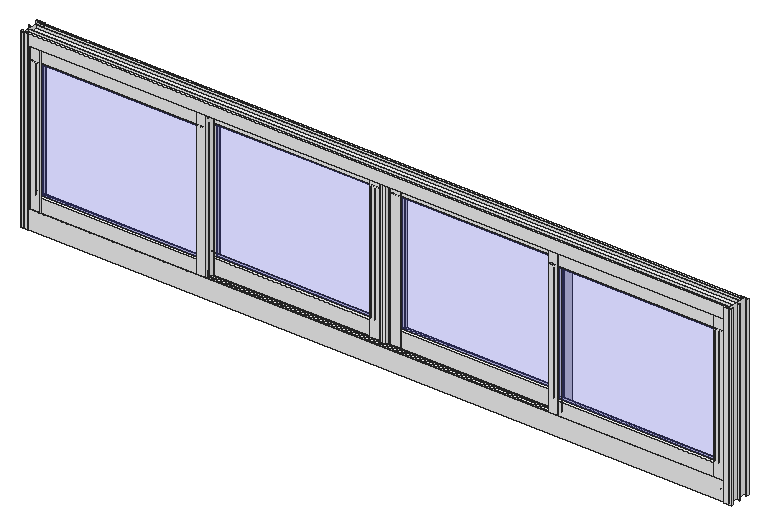
Revit family "Elite_Sliding_Window_XXXX_Custom", category Windows, host Wall, Revit 2014
Parameters (values of type "EliteSW-XXXX-Custom")
  Windload Design = if(Custom Windload < 1001 mm, 1000 mm, if(Custom Windload < 1501 mm, 1500 mm, 2000 mm))  # 1000 mm
  Width Sash Side [instance] = 605.75 mm
  Width Sash Middle [instance] = 605.75 mm
  Width = if(Custom Window Width < Limit Window Width Min, Limit Window Width Min, if(Custom Window Width > Limit Window Width Max, Limit Window Width Max, Custom Window Width))  # 2390 mm
  Wall Thickness [instance] = 200 mm
  URL = "http://www.crealco.co.za/crealco-products.php"
  Thermal Resistance (R) [instance] = if(and(Custom U Value > 0.5678, 1 / Custom U Value < 36.9087), Custom U Value, if(not(Custom U Value > 0.5678), 1 / 0.5679, 1 / 36.9086)) * 1.0000 (m²·K)/W  # 1.76087 (m²·K)/W
  Solar Heat Gain Coefficient [instance] = if(and(not(Custom SHGC Value < 0), not(Custom SHGC Value > 1)), Custom SHGC Value, if(Custom U Value < 0, 0, 1))  # 0
  Sash Width Middle = (Width - (12 mm * 2) - (2 * Sash Width Sides)) / 2 + 28.5 mm  # 605.75 mm
  Sash Width Sides = if(Equal Sash Width, (Width - (2 mm * 12)) / 4 + (28.5 mm / 2), if(Custom Sash Width Side < Limit Sash Width Side Min, Limit Sash Width Side Min, if(Custom Sash Width Side > Limit Sash Width Side Max, Limit Sash Width Side Max, Custom Sash Width Side)))  # 605.75 mm
  Sash Side Spacing = 1 mm  # constant formula
  Sash Rail Fore Aft Spacing = 5.2 mm  # constant formula
  Sash Height = Height - 29 mm - 54 mm  # 507 mm
  Sash Frame Seal = 1.3 mm  # constant formula
  Overall Width [instance] = 2390 mm
  Overall Height [instance] = 590 mm
  Outside Heavy Duty Interlocker = if(Interlocker Configuration = 2 mm, 1 = 1, 1 = 0)  # no
  Model = "Elite"  # constant formula
  Max Pane Area = if(Area Middle Sash Glazing > Area Side Sash Glazing, Area Middle Sash Glazing, Area Side Sash Glazing)  # 0.225656 m²
  Manufacturer = "Crealco"  # constant formula
  Limit Window Width Min = (4 * Limit Sash Width Min) + (2 mm * 12.5) - (2 * 29.8 mm) + 1.5 mm  # 1166.9 mm
  Limit Window Width Max = if(Windload Design = 1000 mm, 2990 mm, if(Windload Design = 1500 mm, if(Custom Window Height > 1490 mm, 2690 mm, 2990 mm), 2990 mm))  # 2990 mm
  Limit Window Height Min = Limit Sash Height Min + (29 mm + 54 mm)  # 383 mm
  Limit Window Height Max = if(Windload Design = 1000 mm, Limit Sash Height Max + (29 mm + 54 mm), if(Windload Design = 1500 mm, if(and(Custom Window Height > 1490 mm, Custom Window Width > 2690 mm), 1490 mm, Limit Sash Height Max + (29 mm + 54 mm)), 1490 mm))  # 1883 mm
  Limit Sash Width Min = 300 mm  # constant formula
  Limit Sash Width Max = 1500 mm  # constant formula
  Limit Sash Width Side Min = if((Width - (2 mm * 12.5) - (2 * Limit Sash Width Max) + (2 * 29.8 mm) - 1.5 mm) / 2 < Limit Sash Width Min, Limit Sash Width Min, (Width - (2 mm * 12.5) - (2 * Limit Sash Width Max) + (2 * 29.8 mm) - 1.5 mm) / 2)  # 300 mm
  Limit Sash Width Side Max = if((Width - (2 mm * 12.5) - (2 * Limit Sash Width Min) + (2 * 29.8 mm) - 1.5 mm) / 2 > Limit Sash Width Max, Limit Sash Width Max, (Width - (2 mm * 12.5) - (2 * Limit Sash Width Min) + (2 * 29.8 mm) - 1.5 mm) / 2)  # 911.55 mm
  Limit Sash Height Min = 300 mm  # constant formula
  Limit Sash Height Max = 1800 mm  # constant formula
  Interlocker Configuration = if(Windload Design = 1000 mm, if(not(Height > 1190 mm), 0 mm, if(and(Width > 2390 mm, Height > 1490 mm), 2 mm, 1 mm)), if(Windload Design = 1500 mm, if(or(not(Height > 890 mm), and(not(Height > 1190 mm), not(Width > 2690 mm))), 0 mm, if(Height > 1490 mm, 2 mm, 1 mm)), if(not(Height > 890 mm), 0 mm, if(and(Height > 1190 mm, Width > 2390 mm), 2 mm, 1 mm))))  # 0 mm
  IGDB or SAGDB Number [instance] = 0
  Height Sash [instance] = 507 mm
  Inside Heavy Duty Interlocker = if(or(Interlocker Configuration = 1 mm, Interlocker Configuration = 2 mm), 1 = 1, 1 = 0)  # no
  Height = if(Custom Window Height < Limit Window Height Min, Limit Window Height Min, if(Custom Window Height > Limit Window Height Max, Limit Window Height Max, Custom Window Height))  # 590 mm
  Heat Transfer Coefficient (U) [instance] = if(and(Custom U Value > 0.5678, Custom U Value < 36.9087), Custom U Value, if(not(Custom U Value > 0.5678), 0.5679, 36.9086)) * 1.0000 W/(m²·K)  # 0.5679 W/(m²·K)
  Glazing Thickness [instance] = if(IGDB or SAGDB Number = 1000015, 4 mm, if(IGDB or SAGDB Number = 9922, 4 mm, if(IGDB or SAGDB Number = 100100, 6 mm, if(IGDB or SAGDB Number = 103200, 7 mm, if(not(Max Pane Area > 0.75 m²), 4 mm, if(not(Max Pane Area > 1.50 m²), 4 mm, if(not(Max Pane Area > 2.10 m²), 5 mm, if(not(Max Pane Area > 2.90 m²), 6.4 mm, if(not(Max Pane Area > 4.30 m²), 8 mm, 10 mm)))))))))  # 4 mm
  Glazing Material [instance] = if(IGDB or SAGDB Number = 1000015, "PFG CLEARVUE 4mm", if(IGDB or SAGDB Number = 9922, "PFG ENERGY ADVANTAGE 4mm LOW-E", if(IGDB or SAGDB Number = 100100, "PFG INTRUDERPRUFE 6.38mm", if(IGDB or SAGDB Number = 103200, "PFG INTRUDERPRUFE LOW-E 7.38mm", "Unknown"))))  # "Unknown"
  Glazing Finish [instance] = Glass
  Glazing Code [instance] = if(IGDB or SAGDB Number = 1000015, "CF4", if(IGDB or SAGDB Number = 9922, "CF4E", if(IGDB or SAGDB Number = 100100, "LAM01", if(IGDB or SAGDB Number = 103200, "LAM01E", "Unknown"))))  # "Unknown"
  Frame Thickness = 70.3 mm  # constant formula
  Frame Offset From Exterior [instance] = if(Centered In Wall, (Wall Thickness - Frame Thickness) / 2, Custom Frame Offset From Exterior)  # 64.85 mm
  Equal Sash Width = yes
  Description = "Sliding window, XXXX custom"  # constant formula
  Default Sill Height = 800 mm
  Wall Closure = By host
  Custom Window Width = 2390 mm
  Custom Window Height = 590 mm
  Custom Windload = 1000 mm
  Custom U Value [instance] = 0
  Custom Sash Width Side = 800 mm
  Custom SHGC Value [instance] = 0
  Custom Frame Offset From Exterior = 0 mm
  Centered In Wall = yes
  Astragal Sash Gap = 0.9 mm  # constant formula
  Area Middle Sash Glazing = (Sash Width Middle - 21 mm - 41 mm) * (Sash Height - (46 mm * 2))  # 0.225656 m²
  Area Side Sash Glazing = (Sash Width Sides - 21 mm - 41 mm) * (Sash Height - (46 mm * 2))  # 0.225656 m²
  Aluminium Finish [instance] = White Powder Coated Aluminium ANP 1052
  All Available Glazing Numbers [instance] = "The rows below list the available glazing materials for this window:"  # constant formula
  9922 [instance] = "CF4E"  # constant formula
  103200 [instance] = "LAM01E"  # constant formula
  100100 [instance] = "LAM01"  # constant formula
  1000015 [instance] = "CF4"  # constant formula
Reference planes
  plane 1 "Center (Front/Back)": y = 0
  plane 2 "Center (Left/Right)": x = 0
  plane 3 "Left": x = -1195
  plane 4 "Right": x = 1195
  plane 5 "Sill": z = 800
  plane 6 "Head": z = 1390
  plane 7 "Exterior": y = 100
  plane 8 "Interior": y = -100
Lines and regions (mm)
  Opening 1
    outline origin (3500, -100, 0) x (1, 0, 0) y (0, 0, 1)
      loop
        line (-2305, 800) -> (-2305, 1390) -> (-4695, 1390) -> (-4695, 800) -> (-2305, 800)
Text (mm)
  text "EXTERIOR" at (-1963.203, 1332.353, 0), in view "Ref. Level"
  text "INTERIOR" at (-1981.466, -818.386, 0), in view "Ref. Level"
  text "Exterior" at (0, 923.751, 2943.296), in view "Right"
  text "Exterior" at (0, 1040.484, 2685.409), in view "Left"
Dimensions and locks
  equal spacing: plane 3 "Left", plane 2 "Center (Left/Right)", plane 4 "Right"
  "Width": plane 3 "Left" to plane 4 "Right"
  "Height": plane 5 "Sill" to plane 6 "Head"
  "Default Sill Height": plane 5 "Sill" to level
  locked: plane 7 "Exterior" to host wall at 0
  locked: plane 8 "Interior" to host wall
  "Overall Height": plane 6 "Head" to plane 5 "Sill"
  "Overall Width": plane 3 "Left" to plane 4 "Right"
  "Frame Offset From Exterior": nested 1 to plane 7 "Exterior"
  "Sash Side Spacing": nested 1 to nested 2
  "Sash Side Spacing": nested 3 to nested 1  (x2)
  "Sash Side Spacing": nested 2 to nested 1
  "Sash Rail Fore Aft Spacing": nested 4 to nested 1
  "Sash Rail Fore Aft Spacing": nested 5 to nested 1
  "Width Sash Side": nested 3 to nested 3
  "Height Sash": nested 3 to nested 3
  "Width Sash Middle": nested 5 to nested 5
  "Wall Thickness": host wall to host wall
  aligned and locked: nested 1 to plane 6 "Head"
  aligned and locked: nested 1 to plane 4 "Right"
  aligned and locked: nested 4 to nested 2
  aligned and locked: nested 5 to nested 3
  aligned and locked: nested 5 to nested 1
  aligned and locked: nested 4 to nested 1
  aligned and locked: nested 3 to nested 1
  aligned and locked: nested 2 to nested 1
  aligned and locked: nested 6 to nested 5
  aligned and locked: nested 5 to nested 6  (x2)
Automatic sketch dimensions
  plane 3 "Left" to Opening 1 sketch curve = 0 mm
  plane 4 "Right" to Opening 1 sketch curve = 0 mm
  Opening 1 sketch curve to plane 5 "Sill" = 0 mm
  Opening 1 sketch curve to plane 6 "Head" = 0 mm
Nested families
  nested 1: "Elite_Frame_XXXX_Cust" at (93.5, -54.85, 280.667), Width <- "Width", Height <- "Height", Profile Material <- "Aluminium Finish", type "Elite_Frame_XXXX_Cust"
    with Width 2390 mm, Profile Material White Powder Coated Aluminium ANP 1052, Length Jamb 590 mm, Length Head & Sill 2367 mm, Height 590 mm
  nested 2: "Elite_Sash_Inner_XXXX_Cust" at (-1182.5, -30.5, 854) x (-1, 0, 0) z (0, 0, 1), Profile Material <- "Aluminium Finish", Glazing Material <- "Glazing Finish", Sash Width <- "Sash Width Sides", Sash Height <- "Sash Height", Glazing Thickness <- "Glazing Thickness", Is Heavy Duty Interlocker <- "Inside Heavy Duty Interlocker", type "Elite_Sash_Inner_XXXX_Cust"
    with Sash Width 605.75 mm, Sash Height 507 mm, Right Sliding yes, Profile Material White Powder Coated Aluminium ANP 1052, Length Sash Head & Sill 589.75 mm, Length Arrow Tip 51.025 mm, Length Arrow 168.383 mm, Left Sliding no, Is Standard Interlocker yes, Is Sliding yes, Is Heavy Duty Interlocker no, Glazing Width 543.75 mm, Glazing Thickness 4 mm, Glazing Start -2 mm, Glazing Material Glass, Glazing Height 415 mm, Glazing Frame Side Gap 3 mm, Glazing End 2 mm, Arrow Tip Length 50.8 mm, Arrow Left Gap 187.683 mm, Arrow Bottom Gap 207.5 mm
  nested 3: "Elite_Sash_Inner_XXXX_Cust" at (1182.5, -30.5, 854), Sash Width <- "Sash Width Sides", Sash Height <- "Sash Height", Profile Material <- "Aluminium Finish", Glazing Material <- "Glazing Finish", Glazing Thickness <- "Glazing Thickness", Is Heavy Duty Interlocker <- "Inside Heavy Duty Interlocker", type "Elite_Sash_Inner_XXXX_Cust"
    with Sash Width 605.75 mm, Sash Height 507 mm, Right Sliding yes, Profile Material White Powder Coated Aluminium ANP 1052, Length Sash Head & Sill 589.75 mm, Length Arrow Tip 51.025 mm, Length Arrow 168.383 mm, Left Sliding no, Is Standard Interlocker yes, Is Sliding yes, Is Heavy Duty Interlocker no, Glazing Width 543.75 mm, Glazing Thickness 4 mm, Glazing Start -2 mm, Glazing Material Glass, Glazing Height 415 mm, Glazing Frame Side Gap 3 mm, Glazing End 2 mm, Arrow Tip Length 50.8 mm, Arrow Left Gap 187.683 mm, Arrow Bottom Gap 207.5 mm
  nested 4: "Elite_Sash_Outer_XXXX_Cust" at (-0.8, 30.15, 854), Sash Width <- "Sash Width Middle", Sash Height <- "Sash Height", Profile Material <- "Aluminium Finish", Glazing Material <- "Glazing Finish", Glazing Thickness <- "Glazing Thickness", Is Heavy Duty Interlocker <- "Outside Heavy Duty Interlocker", type "Elite_Sash_Outer_XXXX_Cust"
    with Sash Width 605.75 mm, Sash Height 507 mm, Right Sliding yes, Profile Material White Powder Coated Aluminium ANP 1052, Length Sash Head & Sill 589.75 mm, Length Arrow Tip 51.025 mm, Length Arrow 168.383 mm, Left Sliding no, Is Standard Interlocker yes, Is Sliding yes, Is Heavy Duty Interlocker no, Glazing Width 543.75 mm, Glazing Thickness 4 mm, Glazing Start -2 mm, Glazing Material Glass, Glazing Height 415 mm, Glazing Frame Side Gap 3 mm, Glazing End 2 mm, Arrow Tip Length 50.8 mm, Arrow Left Gap 187.683 mm, Arrow Bottom Gap 207.5 mm
  nested 5: "Elite_Sash_Outer_XXXX_Cust" at (0.8, 30.15, 854) x (-1, 0, 0) z (0, 0, 1), Sash Width <- "Sash Width Middle", Sash Height <- "Sash Height", Profile Material <- "Aluminium Finish", Glazing Material <- "Glazing Finish", Glazing Thickness <- "Glazing Thickness", Is Heavy Duty Interlocker <- "Outside Heavy Duty Interlocker", type "Elite_Sash_Outer_XXXX_Cust"
    with Sash Width 605.75 mm, Sash Height 507 mm, Right Sliding yes, Profile Material White Powder Coated Aluminium ANP 1052, Length Sash Head & Sill 589.75 mm, Length Arrow Tip 51.025 mm, Length Arrow 168.383 mm, Left Sliding no, Is Standard Interlocker yes, Is Sliding yes, Is Heavy Duty Interlocker no, Glazing Width 543.75 mm, Glazing Thickness 4 mm, Glazing Start -2 mm, Glazing Material Glass, Glazing Height 415 mm, Glazing Frame Side Gap 3 mm, Glazing End 2 mm, Arrow Tip Length 50.8 mm, Arrow Left Gap 187.683 mm, Arrow Bottom Gap 207.5 mm
  nested 6: "Elite_Meeting_Stile_Adaptor_XXXX_Cust" at (-9.95, 45.45, 854) x (0, -1, 0) z (0, 0, 1), Profile Material <- "Aluminium Finish", Length Meeting Stile Adaptor <- "Sash Height", type "Elite_Meeting_Stile_Adaptor_XXXX_Cust"
    with Profile Material White Powder Coated Aluminium ANP 1052, Length Meeting Stile Adaptor 507 mm
Definition of nested family "Elite_Frame_XXXX_Cust"
  Parameters (values of type "Elite_Frame_OXXO_XOX")
    Width [instance] = 1200 mm
    Profile Material [instance] = none
    Length Jamb [instance] = Height  # 900 mm
    Length Head & Sill [instance] = Width - 2 * 11.5 mm  # 1177 mm
    Height [instance] = 900 mm
  Reference planes
    plane 1 "Center (Front/Back)": y = 0
    plane 2: z = 0
    plane 3 "Center (Left/Right)": x = 0
  Dimensions and locks
    aligned and locked: level to plane 2
    aligned and locked: nested 4 to nested 2
    aligned and locked: nested 2 to nested 4  (x2)
    aligned and locked: nested 3 to nested 2  (x3)
    aligned and locked: nested 1 to nested 4  (x2)
    aligned and locked: nested 4 to nested 1
  Nested families
    nested 1: "Elite_Frame_Head" at (-1277, 21.2, 968.793), Length Frame Head <- "Length Head & Sill", Profile Material <- "Profile Material", type "Elite_Frame_Head"
      with Profile Material none, Length Frame Head 1177 mm
    nested 2: "Elite_Frame_Sill" at (-100, 88.2, 209.333) x (-1, 0, 0) z (0, 0, 1), Profile Material <- "Profile Material", Length Frame Sill <- "Length Head & Sill", type "Elite_Frame_Sill"
      with Profile Material none, Length Frame Sill 1177 mm
    nested 3: "Elite_Frame_Jamb" at (-1264, 19.7, 209.333) x (0, 1, 0) z (0, 0, 1), Profile Material <- "Profile Material", Length Frame Jamb <- "Length Jamb", type "Elite_Frame_Jamb"
      with Profile Material none, Length Frame Jamb 900 mm
    nested 4: "Elite_Frame_Jamb_Mirror" at (-113, 90, 209.333) x (0, -1, 0) z (0, 0, 1), Profile Material <- "Profile Material", Length Frame Jamb <- "Length Jamb", type "Elite_Frame_Jamb_Mirror"
      with Profile Material none, Length Frame Jamb 900 mm
  Definition of nested family "Elite_Frame_Head"
    Parameters (values of type "Elite_Frame_Head")
      Profile Material [instance] = none
      Length Frame Head [instance] = 250 mm
    Reference planes
      plane 1 "Center (Front/Back)": y = 0
      plane 2: z = 0
      plane 3 "Center (Left/Right)": x = 0
    Forms (mm)
      Extrusion 1, solid, material <- "Profile Material"
        sketch origin (0, 0, 0) x (0, 1, 0) y (0, 0, 1)
          loop
            line (11.5, 102.54) -> (20.5, 102.54) -> (20.5, 111.54) -> (19.1, 111.54) -> (19.1, 103.94) -> (12.9, 103.94) -> (12.9, 128.64) -> (54.1, 128.64) -> (54.1, 103.94) -> (47.9, 103.94) -> (47.9, 111.54) -> (46.5, 111.54) -> (46.5, 102.54) -> (55.5, 102.54) -> (55.5, 128.64) -> (65.5, 128.64) -> (65.5, 102.54) -> (67, 102.54) -> (67, 140.54) -> (61.65, 140.54) -> (61.65, 139.14) -> (65.5, 139.14) -> (65.5, 130.04) -> (49.298, 130.04) -> (49.298, 140.54) -> (47.9, 140.54) -> (47.9, 130.04) -> (19.1, 130.04) -> (19.1, 140.54) -> (17.7, 140.54) -> (17.7, 130.04) -> (1.5, 130.04) -> (1.5, 139.14) -> (5.35, 139.14) -> (5.35, 140.54) -> (0, 140.54) -> (0, 102.54) -> (1.5, 102.54) -> (1.5, 128.64) -> (11.5, 128.64) -> (11.5, 102.54)
        from 0 to 250 <- "Length Frame Head"
    Dimensions and locks
      aligned and locked: level to plane 2
  Definition of nested family "Elite_Frame_Sill"
    Parameters (values of type "Elite_Frame_Sill")
      Profile Material [instance] = none
      Length Frame Sill [instance] = 250 mm
    Reference planes
      plane 1 "Center (Front/Back)": y = 0
      plane 2: z = 0
      plane 3 "Center (Left/Right)": x = 0
    Forms (mm)
      Extrusion 1, solid, material <- "Profile Material"
        sketch origin (0, 0, 0) x (0, 1, 0) y (0, 0, 1)
          loop
            line (20.5, 61.807) -> (15.922, 62.99) -> (11.5, 61.805) -> (11.5, 54) -> (12.9, 54) -> (12.9, 60.734) -> (16.078, 61.54) -> (19.1, 60.731) -> (19.1, 37) -> (12.88, 36.997) -> (0, 35.262) -> (0, 11.5) -> (1.4, 11.5) -> (1.4, 15) -> (12, 15) -> (12, 0) -> (17, 0) -> (17, 1) -> (13.4, 1) -> (13.4, 5) -> (17, 5) -> (17, 6) -> (13.4, 6) -> (13.4, 18.532) -> (65.6, 20.009) -> (65.6, 6) -> (62, 6) -> (62, 5) -> (65.6, 5) -> (65.6, 1) -> (62, 1) -> (62, 0) -> (67, 0) -> (67, 63) -> (65.6, 63) -> (65.6, 37) -> (55.5, 37) -> (55.5, 61.807) -> (50.922, 62.99) -> (46.5, 61.805) -> (46.5, 54) -> (47.9, 54) -> (47.9, 60.734) -> (51.078, 61.54) -> (54.1, 60.731) -> (54.1, 37) -> (20.5, 37) -> (20.5, 61.807)
          loop
            line (65.6, 35.6) -> (12.994, 35.6) -> (1.4, 34.038) -> (1.4, 16.4) -> (12, 16.4) -> (12, 19.893) -> (65.6, 21.409) -> (65.6, 35.6)
        from 0 to 250 <- "Length Frame Sill"
    Dimensions and locks
      aligned and locked: level to plane 2
  Definition of nested family "Elite_Frame_Jamb"
    Parameters (values of type "Elite_Frame_Jamb")
      Void Spacing Top = 13 mm  # constant formula
      Void Spacing Bottom = 38 mm  # constant formula
      Void Cut Length = 13 mm  # constant formula
      Profile Material [instance] = none
      Length Frame Jamb [instance] = 250 mm
    Reference planes
      plane 1 "Center (Front/Back)": y = 0
      plane 2: z = 0
      plane 3 "Center (Left/Right)": x = 0
    Forms (mm)
      Extrusion 1, solid, material <- "Profile Material"
        sketch origin (-5.594, -3.252, 0) x (1, 0, 0) y (0, 1, 0)
          loop
            line (7.094, 26.252) -> (12.594, 26.252) -> (12.594, 27.752) -> (5.594, 27.752) -> (5.594, 3.252) -> (7.094, 3.252) -> (7.094, 16.252) -> (14.744, 16.252) -> (14.744, 10.793) -> (17.03, 3.252) -> (18.599, 3.252) -> (15.994, 11.791) -> (15.994, 16.252) -> (30.494, 16.252) -> (30.494, 11.791) -> (27.888, 3.252) -> (29.457, 3.252) -> (31.744, 10.75) -> (31.744, 16.252) -> (74.394, 16.252) -> (74.394, 3.252) -> (75.894, 3.252) -> (75.894, 27.752) -> (68.894, 27.752) -> (68.894, 26.252) -> (74.394, 26.252) -> (74.394, 17.752) -> (41.394, 17.752) -> (41.394, 27.752) -> (40.094, 27.752) -> (40.094, 17.752) -> (7.094, 17.752) -> (7.094, 26.252)
        from 0 to 250 <- "Length Frame Jamb"
      Extrusion 2, void
        sketch origin (68.8, 0, 0) x (-1, 0, 0) y (0, 0, 1)
          loop
            line (59.65, 250) -> (42.649, 250) -> (42.649, 237) -> (59.65, 237) -> (59.65, 250)
          loop
            line (42.649, 0) -> (59.65, 0) -> (59.65, 38) -> (42.649, 38) -> (42.649, 0)
        from 0 to 13 <- "Void Cut Length"
    Cuts and joins
      Extrusion 2 cuts Extrusion 1
    Dimensions and locks
      "Void Spacing Bottom": Extrusion 2 sketch curve to Extrusion 2 sketch curve
      "Void Spacing Top": Extrusion 2 sketch curve to Extrusion 2 sketch curve
      aligned and locked: level to plane 2
      aligned and locked: Extrusion 2 sketch curve to Extrusion 1  (x6)
    Automatic sketch dimensions
      plane 1 "Center (Front/Back)" to Extrusion 1 sketch curve = 0 mm  (x4)
      Extrusion 1 sketch curve to plane 3 "Center (Left/Right)" = 0 mm
      plane 3 "Center (Left/Right)" to Extrusion 1 sketch curve = 1.5 mm  (x2)
      Extrusion 1 sketch curve to Extrusion 1 sketch curve = 5.5 mm  (x2)
      Extrusion 1 sketch curve to Extrusion 1 sketch curve = 7.65 mm
      Extrusion 1 sketch curve to Extrusion 1 sketch curve = 1.25 mm
      Extrusion 1 sketch curve to Extrusion 1 sketch curve = 2.287 mm
      Extrusion 1 sketch curve to Extrusion 1 sketch curve = 1.569 mm
      Extrusion 1 sketch curve to Extrusion 1 sketch curve = 9.29 mm
      Extrusion 1 sketch curve to Extrusion 1 sketch curve = 1.568 mm
      Extrusion 1 sketch curve to Extrusion 1 sketch curve = 1.037 mm
      Extrusion 1 sketch curve to plane 1 "Center (Front/Back)" = 7.498 mm
      Extrusion 1 sketch curve to Extrusion 1 sketch curve = 1.251 mm
      Extrusion 1 sketch curve to Extrusion 1 sketch curve = 8.349 mm
      Extrusion 1 sketch curve to Extrusion 1 sketch curve = 1.3 mm
      Extrusion 1 sketch curve to Extrusion 1 sketch curve = 27.5 mm
      Extrusion 1 sketch curve to Extrusion 1 sketch curve = 0 mm  (x3)
      Extrusion 1 sketch curve to Extrusion 1 sketch curve = 1.5 mm  (x5)
      Extrusion 1 sketch curve to plane 1 "Center (Front/Back)" = 7.54 mm
      Extrusion 1 sketch curve to Extrusion 1 sketch curve = 0.998 mm
      Extrusion 1 sketch curve to Extrusion 1 sketch curve = 1.041 mm
      Extrusion 1 sketch curve to Extrusion 1 sketch curve = 4.461 mm
      Extrusion 1 sketch curve to Extrusion 1 sketch curve = 8.5 mm  (x2)
      Extrusion 1 sketch curve to Extrusion 1 sketch curve = 10 mm
  Definition of nested family "Elite_Frame_Jamb_Mirror"
    Parameters (values of type "Elite_Frame_Jamb_Mirror")
      Void Spacing Top = 13 mm  # constant formula
      Void Spacing Bottom = 38 mm  # constant formula
      Void Cut Length = 13 mm  # constant formula
      Profile Material [instance] = none
      Length Frame Jamb [instance] = 250 mm
    Reference planes
      plane 1 "Center (Front/Back)": y = 0
      plane 2: z = 0
      plane 3 "Center (Left/Right)": x = 0
    Forms (mm)
      Extrusion 1, solid, material <- "Profile Material"
        sketch origin (-5.594, -3.252, 0) x (1, 0, 0) y (0, 1, 0)
          loop
            line (74.394, 26.252) -> (74.394, 17.752) -> (41.394, 17.752) -> (41.394, 27.752) -> (40.094, 27.752) -> (40.094, 17.752) -> (7.094, 17.752) -> (7.094, 26.252) -> (12.594, 26.252) -> (12.594, 27.752) -> (5.594, 27.752) -> (5.594, 3.252) -> (7.094, 3.252) -> (7.094, 16.252) -> (49.743, 16.252) -> (49.743, 10.75) -> (52.03, 3.252) -> (53.599, 3.252) -> (50.994, 11.791) -> (50.994, 16.252) -> (65.494, 16.252) -> (65.494, 11.791) -> (62.888, 3.252) -> (64.457, 3.252) -> (66.744, 10.793) -> (66.744, 16.252) -> (74.394, 16.252) -> (74.394, 3.252) -> (75.894, 3.252) -> (75.894, 27.752) -> (68.894, 27.752) -> (68.894, 26.252) -> (74.394, 26.252)
        from 0 to 250 <- "Length Frame Jamb"
      Extrusion 2, void
        sketch origin (70.3, 0, 0) x (1, 0, 0) y (0, 0, -1)
          loop
            line (-26.151, -237) -> (-26.151, -250) -> (-9.15, -250) -> (-9.15, -237) -> (-26.151, -237)
          loop
            line (-26.151, -38) -> (-9.15, -38) -> (-9.15, 0) -> (-26.151, 0) -> (-26.151, -38)
        from 0 to 13 <- "Void Cut Length"
    Cuts and joins
      Extrusion 2 cuts Extrusion 1
    Dimensions and locks
      "Void Spacing Top": Extrusion 2 sketch curve to Extrusion 2 sketch curve
      "Void Spacing Bottom": Extrusion 2 sketch curve to Extrusion 2 sketch curve
      aligned and locked: level to plane 2
      aligned and locked: Extrusion 1 to Extrusion 2 sketch curve  (x2)
      aligned and locked: Extrusion 2 sketch curve to Extrusion 1
      aligned and locked: Extrusion 2 sketch curve to cut or joined group of Extrusion 1, Extrusion 2  (x3)
    Automatic sketch dimensions
      Extrusion 1 sketch curve to plane 3 "Center (Left/Right)" = 0 mm
      plane 1 "Center (Front/Back)" to Extrusion 1 sketch curve = 0 mm  (x4)
      plane 3 "Center (Left/Right)" to Extrusion 1 sketch curve = 1.5 mm  (x2)
      Extrusion 1 sketch curve to Extrusion 1 sketch curve = 5.5 mm  (x2)
      Extrusion 1 sketch curve to Extrusion 1 sketch curve = 27.5 mm
      Extrusion 1 sketch curve to Extrusion 1 sketch curve = 1.3 mm
      Extrusion 1 sketch curve to Extrusion 1 sketch curve = 8.349 mm
      Extrusion 1 sketch curve to Extrusion 1 sketch curve = 1.251 mm
      Extrusion 1 sketch curve to Extrusion 1 sketch curve = 2.288 mm
      Extrusion 1 sketch curve to Extrusion 1 sketch curve = 1.568 mm
      Extrusion 1 sketch curve to Extrusion 1 sketch curve = 9.29 mm
      Extrusion 1 sketch curve to Extrusion 1 sketch curve = 1.569 mm
      Extrusion 1 sketch curve to Extrusion 1 sketch curve = 1.037 mm
      Extrusion 1 sketch curve to Extrusion 1 sketch curve = 1.25 mm
      Extrusion 1 sketch curve to Extrusion 1 sketch curve = 2.15 mm
      Extrusion 1 sketch curve to Extrusion 1 sketch curve = 0 mm  (x3)
      Extrusion 1 sketch curve to Extrusion 1 sketch curve = 1.5 mm  (x5)
      Extrusion 1 sketch curve to plane 1 "Center (Front/Back)" = 7.498 mm
      Extrusion 1 sketch curve to plane 1 "Center (Front/Back)" = 7.54 mm
      Extrusion 1 sketch curve to Extrusion 1 sketch curve = 0.998 mm
      Extrusion 1 sketch curve to Extrusion 1 sketch curve = 1.041 mm
      Extrusion 1 sketch curve to Extrusion 1 sketch curve = 4.461 mm
      Extrusion 1 sketch curve to Extrusion 1 sketch curve = 8.5 mm  (x2)
      Extrusion 1 sketch curve to Extrusion 1 sketch curve = 10 mm
Definition of nested family "Elite_Sash_Inner_XXXX_Cust"
  Parameters (values of type "Elit_Sash_Inner")
    Top&Bottom Side Spacing = 14.5 mm  # constant formula
    Sash Width [instance] = 1500 mm
    Sash Height [instance] = 1200 mm
    Right Sliding [instance] = yes
    Profile Material [instance] = White Powder Coated Aluminium ANP 1052
    Overlap Gap = 1.4 mm  # constant formula
    Middle of Glazing = 13 mm  # constant formula
    Length Sash Head & Sill [instance] = Sash Width - 14.5 mm - 1.5 mm  # 1484 mm
    Length Arrow Tip [instance] = Length Arrow / 3.3  # 141.354 mm
    Length Arrow [instance] = (Sash Width - (2 * 50.3 mm)) / 3  # 466.467 mm
    Left Sliding [instance] = yes
    Is Standard Interlocker [instance] = not(Is Heavy Duty Interlocker)  # no
    Is Sliding [instance] = if(or(Right Sliding, Left Sliding), 1 = 1, 1 = 2)  # yes
    Is Heavy Duty Interlocker [instance] = yes
    Glazing Width [instance] = Sash Width - 21 mm - 41 mm  # 1438 mm
    Glazing Thickness [instance] = 6.4 mm
    Glazing Start [instance] = -Glazing Thickness / 2  # -3.2 mm
    Glazing Side Spacing = 41 mm  # constant formula
    Glazing Profile Gap = 459.05 mm
    Glazing Material [instance] = Glass
    Glazing Height [instance] = Sash Height - (46 mm * 2)  # 1108 mm
    Glazing Frame Side Gap [instance] = (10 mm - Glazing Thickness) / 2  # 1.8 mm
    Glazing Frame Gap = 5 mm  # constant formula
    Glazing End [instance] = Glazing Thickness / 2  # 3.2 mm
    Glazing Edge Interlocker Gap = 17 mm  # constant formula
    Glazing Edge Bottom and Top Gap = 46 mm  # constant formula
    Arrow Tip Length [instance] = if((Sash Height - (2 * 50.3 mm)) / 8 > Length Arrow / 3.3, Length Arrow / 3.3, (Sash Height - (2 * 50.3 mm)) / 8)  # 137.425 mm
    Arrow Tip Angle = 45.00°
    Arrow Left Gap [instance] = (Sash Width - 21 mm - 41 mm - Length Arrow) / 2  # 485.767 mm
    Arrow Bottom Gap [instance] = Sash Height / 2 - 46 mm  # 554 mm
    1.5 Spacing = 1.5 mm  # constant formula
  Reference planes
    plane 1 "Center (Front/Back)": y = 0
    plane 2: z = 0
    plane 3 "Center (Left/Right)": x = 0
    plane 4: y = -13
  Forms (mm)
    Extrusion 1, solid, material "Glass" <- "Glazing Material"
      sketch origin (-1492.688, -13, 1709.9) x (-1, 0, 0) y (0, 0, 1)
        loop
          line (-13.688, -555.9) -> (-1451.688, -555.9) -> (-1451.688, -1663.9) -> (-13.688, -1663.9) -> (-13.688, -555.9)
      from -3.2 <- "Glazing Start" to 3.2 <- "Glazing End"
  Lines and regions (mm)
    model lines, visible <- "Is Sliding"
      curve 1: line (-993.233, -16.2, 600) -> (-526.767, -16.2, 600)
    model lines, visible <- "Left Sliding"
      curve 2: line (-526.767, -16.2, 600) -> (-623.941, -16.2, 697.174)
      curve 3: line (-526.767, -16.2, 600) -> (-623.941, -16.2, 502.826)
    model lines, visible <- "Right Sliding"
      curve 4: line (-993.233, -16.2, 600) -> (-893.281, -16.2, 699.952)
      curve 5: line (-993.233, -16.2, 600) -> (-893.281, -16.2, 500.048)
  Dimensions and locks
    "Length Arrow": curve 1 to curve 1
    "Arrow Left Gap": Extrusion 1 to curve 1
    "Arrow Bottom Gap": Extrusion 1 to curve 1
    "Arrow Tip Length": curve 3 to curve 2
    "Arrow Tip Length": curve 3 to curve 3
    "Length Arrow Tip": curve 5 to curve 5
    "Length Arrow Tip": curve 5 to curve 4
    "Middle of Glazing": plane 4 to plane 1 "Center (Front/Back)"
    "Glazing Width": Extrusion 1 to Extrusion 1
    "Glazing Height": Extrusion 1 to Extrusion 1
    "Sash Width": nested 2 to plane 3 "Center (Left/Right)"
    "Glazing Side Spacing": Extrusion 1 to plane 3 "Center (Left/Right)"
    "1.5 Spacing": nested 3 to plane 1 "Center (Front/Back)"
    "Top&Bottom Side Spacing": nested 3 to plane 3 "Center (Left/Right)"
    "Top&Bottom Side Spacing": nested 4 to plane 3 "Center (Left/Right)"
    "1.5 Spacing": nested 4 to plane 1 "Center (Front/Back)"
    "Sash Height": nested 3 to plane 2
    "Glazing Edge Bottom and Top Gap": plane 2 to Extrusion 1
    "Sash Width": nested 5 to plane 3 "Center (Left/Right)"
    "Arrow Tip Angle": angle curve 3 to curve 1
    "Arrow Tip Angle": angle curve 1 to curve 2
    "Arrow Tip Angle": angle curve 4 to curve 1
    "Arrow Tip Angle": angle curve 1 to curve 5
    aligned and locked: level to plane 2
    aligned and locked: plane 3 "Center (Left/Right)" to nested 1
    aligned and locked: nested 1 to plane 2
    aligned and locked: nested 4 to plane 2
    aligned and locked: nested 2 to plane 2
    aligned and locked: nested 2 to plane 1 "Center (Front/Back)"
    aligned and locked: nested 5 to plane 1 "Center (Front/Back)"
    aligned and locked: nested 5 to plane 2
  Automatic sketch dimensions
    Extrusion 1 sketch curve to Extrusion 1 sketch curve = 1108 mm
    level to Extrusion 1 sketch curve = 46 mm
    Extrusion 1 sketch curve to plane 3 "Center (Left/Right)" = 41 mm
    Extrusion 1 sketch curve to Extrusion 1 sketch curve = 1438 mm
  Nested families
    nested 1: "Elite_Lock_Stile" at (0, -26, 0) x (0, 1, 0) z (0, 0, 1), Profile Material <- "Profile Material", Length Lock Stile <- "Sash Height", type "Elite_Lock_Stile"
      with Profile Material White Powder Coated Aluminium ANP 1052, Length Lock Stile 1200 mm
    nested 2: "Elite_Interlocker" at (-1506.667, 6.916, 0) x (0, -1, 0) z (0, 0, 1), Profile Material <- "Profile Material", Length Interlocker <- "Sash Height", visible <- "Is Standard Interlocker", type "Elite_Interlocker"
      with Profile Material White Powder Coated Aluminium ANP 1052, Length Interlocker 1200 mm
    nested 3: "Elite_Sash_Top" at (-1498.5, -24.2, 1052), Profile Material <- "Profile Material", Length Sash Top <- "Length Sash Head & Sill", type "Elite_Sash_Top"
      with Profile Material White Powder Coated Aluminium ANP 1052, Length Sash Top 1484 mm
    nested 4: "Elite_Sash_Bottom" at (-1498.5, -24.2, 0), Profile Material <- "Profile Material", Length Sash Bottom <- "Length Sash Head & Sill", type "Elite_Sash_Bottom"
      with Profile Material White Powder Coated Aluminium ANP 1052, Length Sash Bottom 1484 mm
    nested 5: "Elite_Heavy_Duty_Interlocker_Inside" at (-1500, 20, 0) x (0, -1, 0) z (0, 0, 1), Length Heavy Duty Interlocker <- "Sash Height", Profile Material <- "Profile Material", visible <- "Is Heavy Duty Interlocker", type "Elite_Heavy_Duty_Interlocker_Inside"
      with Profile Material White Powder Coated Aluminium ANP 1052, Length Heavy Duty Interlocker 1200 mm
  Definition of nested family "Elite_Lock_Stile"
    Parameters (values of type "Elite_Lock_Stile")
      Width Rail Cut = 13 mm  # constant formula
      Side Gap Rail Cut = 5 mm  # constant formula
      Profile Material [instance] = none
      Length Lock Stile [instance] = 250 mm
      Height Rail Cut = 26 mm  # constant formula
      Height Large Cut = 55 mm  # constant formula
    Reference planes
      plane 1 "Center (Front/Back)": y = 0
      plane 2: z = 0
      plane 3 "Center (Left/Right)": x = 0
    Forms (mm)
      Extrusion 1, solid, material <- "Profile Material"
        sketch origin (0, 0, 0) x (1, 0, 0) y (0, 1, 0)
          loop
            line (0, 0) -> (3.5, 0) -> (3.5, 2.4) -> (2.5, 2.4) -> (2.5, 1.2) -> (1.2, 1.2) -> (1.2, 8.8) -> (2.5, 8.8) -> (2.5, 7.6) -> (3.5, 7.6) -> (3.5, 10) -> (1.5, 10) -> (1.5, 13) -> (24.5, 13) -> (24.5, 10) -> (22.5, 10) -> (22.5, 7.6) -> (23.5, 7.6) -> (23.5, 8.8) -> (24.8, 8.8) -> (24.8, 1.2) -> (23.5, 1.2) -> (23.5, 2.4) -> (22.5, 2.4) -> (22.5, 0) -> (26, 0) -> (26, 49.8) -> (24.5, 49.8) -> (24.5, 49) -> (18, 49) -> (18, 43) -> (19.5, 43) -> (19.5, 47.5) -> (24.5, 47.5) -> (24.5, 36) -> (1.5, 36) -> (1.5, 47.5) -> (6.5, 47.5) -> (6.5, 43) -> (8, 43) -> (8, 49) -> (1.5, 49) -> (1.5, 49.8) -> (0, 49.8) -> (0, 0)
          loop
            line (1.5, 14.5) -> (24.5, 14.5) -> (24.5, 34.5) -> (13, 34.5) -> (1.5, 34.5) -> (1.5, 14.5)
        from 0 to 250 <- "Length Lock Stile"
      Extrusion 2, void
        sketch origin (24.4, 49, 0) x (1, 0, 0) y (0, 0, 1)
          loop
            line (0.1, 250) -> (-22.9, 250) -> (-22.9, 195) -> (0.1, 195) -> (0.1, 250)
          loop
            line (-22.9, 0) -> (0.1, 0) -> (0.1, 55) -> (-22.9, 55) -> (-22.9, 0)
        from 0 to 25
      Extrusion 3, void
        sketch origin (13, 14.5, 0) x (1, 0, 0) y (0, 0, 1)
          loop
            line (6.5, 250) -> (-6.5, 250) -> (-6.5, 224) -> (6.5, 224) -> (6.5, 250)
          loop
            line (6.5, 0) -> (6.5, 26) -> (-6.5, 26) -> (-6.5, 0) -> (6.5, 0)
        from 0 to 250
    Cuts and joins
      Extrusion 2, Extrusion 3 cuts Extrusion 1
    Dimensions and locks
      "Height Large Cut": Extrusion 2 sketch curve to Extrusion 2 sketch curve  (x2)
      "Height Rail Cut": Extrusion 3 sketch curve to Extrusion 3 sketch curve  (x2)
      "Width Rail Cut": Extrusion 3 sketch curve to Extrusion 3 sketch curve  (x2)
      "Side Gap Rail Cut": Extrusion 3 sketch curve to cut or joined group of Extrusion 1, Extrusion 2, Extrusion 3  (x2)
      aligned and locked: level to plane 2
      aligned and locked: Extrusion 1 to Extrusion 2 sketch curve  (x2)
      aligned and locked: Extrusion 2 sketch curve to Extrusion 1  (x4)
      aligned and locked: Extrusion 3 sketch curve to cut or joined group of Extrusion 1, Extrusion 2, Extrusion 3
      aligned and locked: cut or joined group of Extrusion 1, Extrusion 2, Extrusion 3 to Extrusion 3 sketch curve
    Automatic sketch dimensions
      Extrusion 1 sketch curve to plane 3 "Center (Left/Right)" = 0 mm
      plane 1 "Center (Front/Back)" to Extrusion 1 sketch curve = 0 mm  (x2)
      plane 3 "Center (Left/Right)" to Extrusion 1 sketch curve = 1.2 mm
      plane 3 "Center (Left/Right)" to Extrusion 1 sketch curve = 1.5 mm  (x2)
      Extrusion 1 sketch curve to Extrusion 1 sketch curve = 0 mm  (x4)
      Extrusion 1 sketch curve to Extrusion 1 sketch curve = 0.3 mm  (x2)
      Extrusion 1 sketch curve to Extrusion 1 sketch curve = 1.3 mm  (x2)
      Extrusion 1 sketch curve to Extrusion 1 sketch curve = 1 mm  (x4)
      Extrusion 1 sketch curve to Extrusion 1 sketch curve = 5 mm  (x4)
      Extrusion 1 sketch curve to Extrusion 1 sketch curve = 1.5 mm  (x6)
      Extrusion 1 sketch curve to plane 1 "Center (Front/Back)" = 2.4 mm
      Extrusion 1 sketch curve to Extrusion 1 sketch curve = 19 mm
      Extrusion 1 sketch curve to Extrusion 1 sketch curve = 2 mm
      Extrusion 1 sketch curve to Extrusion 1 sketch curve = 1.2 mm  (x6)
      Extrusion 1 sketch curve to plane 1 "Center (Front/Back)" = 1.2 mm  (x2)
      Extrusion 1 sketch curve to Extrusion 1 sketch curve = 5.2 mm  (x2)
      Extrusion 1 sketch curve to Extrusion 1 sketch curve = 3 mm
      Extrusion 1 sketch curve to Extrusion 1 sketch curve = 20 mm
      Extrusion 1 sketch curve to Extrusion 1 sketch curve = 7 mm  (x2)
      Extrusion 1 sketch curve to Extrusion 1 sketch curve = 4.5 mm  (x2)
      Extrusion 1 sketch curve to Extrusion 1 sketch curve = 0.8 mm  (x2)
  Definition of nested family "Elite_Interlocker"
    Parameters (values of type "Elite_Interlocker")
      Rail Cut Width = 13 mm  # constant formula
      Rail Cut Side Spacing = 5 mm  # constant formula
      Rail Cut Height = 26 mm  # constant formula
      Profile Material [instance] = none
      Length Interlocker [instance] = 250 mm
      Large Cut Height = 55 mm  # constant formula
    Reference planes
      plane 1 "Center (Front/Back)": y = 0
      plane 2: z = 0
      plane 3 "Center (Left/Right)": x = 0
    Forms (mm)
      Extrusion 1, solid, material <- "Profile Material"
        sketch origin (0, 0, 0) x (1, 0, 0) y (0, 1, 0)
          loop
            line (6.916, 36.467) -> (6.916, 6.667) -> (39.416, 6.667) -> (39.416, 9.551) -> (38.416, 9.551) -> (38.416, 8.167) -> (37.116, 8.167) -> (37.116, 9.551) -> (36.116, 9.551) -> (36.116, 8.167) -> (32.916, 8.167) -> (32.916, 15.167) -> (36.116, 15.167) -> (36.116, 13.78) -> (37.116, 13.78) -> (37.116, 15.167) -> (38.416, 15.167) -> (38.416, 13.78) -> (39.416, 13.78) -> (39.416, 25.167)
            arc (39.416, 25.167) -> (38.973, 25.663) -> (38.429, 25.28) r 0.5
            line (38.429, 25.28) -> (36.426, 16.667) -> (32.916, 16.667) -> (32.916, 36.467) -> (31.416, 36.467) -> (31.416, 35.667) -> (24.916, 35.667) -> (24.916, 29.667) -> (26.416, 29.667) -> (26.416, 34.167) -> (31.416, 34.167) -> (31.416, 22.667) -> (19.916, 22.667) -> (8.416, 22.667) -> (8.416, 34.167) -> (13.416, 34.167) -> (13.416, 29.667) -> (14.916, 29.667) -> (14.916, 35.667) -> (8.416, 35.667) -> (8.416, 36.467) -> (6.916, 36.467)
          loop
            line (8.416, 21.167) -> (8.416, 8.167) -> (31.416, 8.167) -> (31.416, 21.167) -> (19.916, 21.167) -> (8.416, 21.167)
        from 0 to 250 <- "Length Interlocker"
      Extrusion 2, void
        sketch origin (14.616, 35.667, 0) x (1, 0, 0) y (0, 0, 1)
          loop
            line (11.8, 250) -> (-1.2, 250) -> (-1.2, 224) -> (11.8, 224) -> (11.8, 250)
          loop
            line (-1.2, 0) -> (11.8, 0) -> (11.8, 26) -> (-1.2, 26) -> (-1.2, 0)
        from 0 to 250
      Extrusion 3, void
        sketch origin (31.316, 35.667, 0) x (1, 0, 0) y (0, 0, 1)
          loop
            line (0.1, 250) -> (-22.9, 250) -> (-22.9, 195) -> (0.1, 195) -> (0.1, 250)
          loop
            line (-22.9, 0) -> (0.1, 0) -> (0.1, 55) -> (-22.9, 55) -> (-22.9, 0)
        from 0 to 25
    Cuts and joins
      Extrusion 2, Extrusion 3 cuts Extrusion 1
    Dimensions and locks
      "Rail Cut Width": Extrusion 2 sketch curve to Extrusion 2 sketch curve  (x2)
      "Rail Cut Side Spacing": Extrusion 2 sketch curve to Extrusion 1  (x2)
      "Rail Cut Height": Extrusion 2 sketch curve to Extrusion 2 sketch curve  (x2)
      "Large Cut Height": Extrusion 3 sketch curve to Extrusion 3 sketch curve  (x2)
      aligned and locked: level to plane 2
      aligned and locked: Extrusion 1 to Extrusion 2 sketch curve  (x2)
      aligned and locked: Extrusion 3 sketch curve to cut or joined group of Extrusion 1, Extrusion 2, Extrusion 3  (x4)
      aligned and locked: cut or joined group of Extrusion 1, Extrusion 2, Extrusion 3 to Extrusion 3 sketch curve  (x2)
    Automatic sketch dimensions
      plane 3 "Center (Left/Right)" to Extrusion 1 sketch curve = 6.916 mm
      plane 3 "Center (Left/Right)" to Extrusion 1 sketch curve = 8.416 mm
      Extrusion 1 sketch curve to Extrusion 1 sketch curve = 1.5 mm  (x11)
      Extrusion 1 sketch curve to Extrusion 1 sketch curve = 0 mm  (x6)
      Extrusion 1 sketch curve to Extrusion 1 sketch curve = 5 mm  (x4)
      Extrusion 1 sketch curve to Extrusion 1 sketch curve = 3.2 mm  (x2)
      Extrusion 1 sketch curve to Extrusion 1 sketch curve = 0.31 mm
      Extrusion 1 sketch curve to Extrusion 1 sketch curve = 1 mm  (x4)
      Extrusion 1 sketch curve to Extrusion 1 sketch curve = 1.3 mm  (x2)
      Extrusion 1 sketch curve to Extrusion 1 sketch curve = 7.013 mm
      Extrusion 1 sketch curve to Extrusion 1 sketch curve = 0.487 mm
      Extrusion 1 sketch curve to plane 1 "Center (Front/Back)" = 6.667 mm
      Extrusion 1 sketch curve to Extrusion 1 sketch curve = 1.384 mm  (x2)
      Extrusion 1 sketch curve to Extrusion 1 sketch curve = 4.229 mm
      Extrusion 1 sketch curve to Extrusion 1 sketch curve = 1.387 mm  (x2)
      Extrusion 1 sketch curve to Extrusion 1 sketch curve = 13 mm
      Extrusion 1 sketch curve to Extrusion 1 sketch curve = 2.5 mm
      Extrusion 1 sketch curve to Extrusion 1 sketch curve = 7 mm  (x2)
      Extrusion 1 sketch curve to Extrusion 1 sketch curve = 4.5 mm  (x2)
      Extrusion 1 sketch curve to Extrusion 1 sketch curve = 0.8 mm  (x2)
  Definition of nested family "Elite_Sash_Top"
    Parameters (values of type "Elite_Sash_Top")
      Profile Material [instance] = none
      Length Sash Top [instance] = 250 mm
    Reference planes
      plane 1 "Center (Front/Back)": y = 0
      plane 2: z = 0
      plane 3 "Center (Left/Right)": x = 0
    Forms (mm)
      Extrusion 1, solid, material <- "Profile Material"
        sketch origin (0, -88.953, -123.01) x (0, 1, 0) y (0, 0, 1)
          loop
            line (92.953, 217.01) -> (95.303, 217.01) -> (95.303, 223.01) -> (93.853, 223.01) -> (93.853, 218.46) -> (92.953, 218.46)
            arc (92.953, 218.46) -> (91.15, 219.207) -> (90.403, 221.01) r 2.55
            line (90.403, 221.01) -> (90.403, 230.06) -> (110.203, 230.06) -> (110.203, 221.01)
            arc (110.203, 221.01) -> (109.456, 219.207) -> (107.653, 218.46) r 2.55
            line (107.653, 218.46) -> (106.753, 218.46) -> (106.753, 223.01) -> (105.303, 223.01) -> (105.303, 217.01) -> (107.653, 217.01)
            arc (107.653, 217.01) -> (110.482, 218.181) -> (111.653, 221.01) r 4
            line (111.653, 221.01) -> (111.653, 271.01) -> (107.403, 271.01) -> (107.403, 268.61) -> (108.603, 268.61) -> (108.603, 269.81) -> (110.203, 269.81) -> (110.203, 262.21) -> (108.603, 262.21) -> (108.603, 263.41) -> (107.403, 263.41) -> (107.403, 261.01) -> (110.203, 261.01) -> (110.203, 231.51) -> (90.403, 231.51) -> (90.403, 261.01) -> (93.203, 261.01) -> (93.203, 263.41) -> (92.003, 263.41) -> (92.003, 262.21) -> (90.403, 262.21) -> (90.403, 269.81) -> (92.003, 269.81) -> (92.003, 268.61) -> (93.203, 268.61) -> (93.203, 271.01) -> (88.953, 271.01) -> (88.953, 221.01)
            arc (88.953, 221.01) -> (90.125, 218.181) -> (92.953, 217.01) r 4
        from 0 to 250 <- "Length Sash Top"
    Dimensions and locks
      aligned and locked: level to plane 2
  Definition of nested family "Elite_Sash_Bottom"
    Parameters (values of type "Elite_Sash_Bottom")
      Profile Material [instance] = none
      Length Sash Bottom [instance] = 250 mm
    Reference planes
      plane 1 "Center (Front/Back)": y = 0
      plane 2: z = 0
      plane 3 "Center (Left/Right)": x = 0
    Forms (mm)
      Extrusion 1, solid, material <- "Profile Material"
        sketch origin (0, -88.953, -123.01) x (0, 1, 0) y (0, 0, 1)
          loop
            arc (92.953, 177.01) -> (90.125, 175.838) -> (88.953, 173.01) r 4
            line (88.953, 173.01) -> (88.953, 123.01) -> (93.203, 123.01) -> (93.203, 125.41) -> (92.003, 125.41) -> (92.003, 124.21) -> (90.403, 124.21) -> (90.403, 131.81) -> (92.003, 131.81) -> (92.003, 130.61) -> (93.203, 130.61) -> (93.203, 133.01) -> (90.403, 133.01) -> (90.403, 162.51) -> (110.203, 162.51) -> (110.203, 133.01) -> (107.403, 133.01) -> (107.403, 130.61) -> (108.603, 130.61) -> (108.603, 131.81) -> (110.203, 131.81) -> (110.203, 124.21) -> (108.603, 124.21) -> (108.603, 125.41) -> (107.403, 125.41) -> (107.403, 123.01) -> (111.653, 123.01) -> (111.653, 173.01)
            arc (111.653, 173.01) -> (110.482, 175.838) -> (107.653, 177.01) r 4
            line (107.653, 177.01) -> (105.303, 177.01) -> (105.303, 171.01) -> (106.753, 171.01) -> (106.753, 175.56) -> (107.653, 175.56)
            arc (107.653, 175.56) -> (109.456, 174.813) -> (110.203, 173.01) r 2.55
            line (110.203, 173.01) -> (110.203, 163.96) -> (90.403, 163.96) -> (90.403, 173.01)
            arc (90.403, 173.01) -> (91.15, 174.813) -> (92.953, 175.56) r 2.55
            line (92.953, 175.56) -> (93.853, 175.56) -> (93.853, 171.01) -> (95.303, 171.01) -> (95.303, 177.01) -> (92.953, 177.01)
        from 0 to 250 <- "Length Sash Bottom"
    Dimensions and locks
      aligned and locked: level to plane 2
  Definition of nested family "Elite_Heavy_Duty_Interlocker_Inside"
    Parameters (values of type "Elite_Heavy_Duty_Interlocker_Inside")
      Side Cut Width = 20 mm  # constant formula
      Side Cut Height Top = 26 mm  # constant formula
      Side Cut Height Bottom = 50 mm  # constant formula
      Profile Material [instance] = none
      Length Heavy Duty Interlocker [instance] = 250 mm
      Large Cut Height = 55 mm  # constant formula
      Cut Width = 13 mm  # constant formula
      Cut Side Spacing = 5 mm  # constant formula
      Cut Height = 26 mm  # constant formula
    Reference planes
      plane 1 "Center (Front/Back)": y = 0
      plane 2: z = 0
      plane 3 "Center (Left/Right)": x = 0
    Forms (mm)
      Extrusion 1, solid, material <- "Profile Material"
        sketch origin (0, 0, 0) x (1, 0, 0) y (0, 1, 0)
          loop
            arc (4, 27.5) -> (2.232, 26.768) -> (1.5, 25) r 2.5
            line (1.5, 25) -> (1.5, 4)
            arc (1.5, 4) -> (2.232, 2.232) -> (4, 1.5) r 2.5
            line (4, 1.5) -> (20, 1.5) -> (20, 27.5) -> (4, 27.5)
          loop
            line (21.5, 14.5) -> (21.5, 1.5) -> (33, 1.5) -> (44.5, 1.5) -> (44.5, 14.5) -> (33, 14.5) -> (21.5, 14.5)
          loop
            line (46, 10) -> (46, 29.8) -> (44.5, 29.8) -> (44.5, 29) -> (38, 29) -> (38, 23) -> (39.5, 23) -> (39.5, 27.5) -> (44.5, 27.5) -> (44.5, 16) -> (33, 16) -> (21.5, 16) -> (21.5, 27.5) -> (26.5, 27.5) -> (26.5, 23) -> (28, 23) -> (28, 29) -> (21.5, 29) -> (21.5, 29.8) -> (20, 29.8) -> (20, 29) -> (4, 29)
            arc (4, 29) -> (1.172, 27.828) -> (0, 25) r 4
            line (0, 25) -> (0, 4)
            arc (0, 4) -> (1.172, 1.172) -> (4, 0) r 4
            line (4, 0) -> (52.5, 0) -> (52.5, 2.866) -> (51.5, 2.866) -> (51.5, 1.5) -> (50.2, 1.5) -> (50.2, 2.866) -> (49.2, 2.866) -> (49.2, 1.5) -> (46, 1.5) -> (46, 8.5) -> (49.2, 8.5) -> (49.2, 7.121) -> (50.2, 7.121) -> (50.2, 8.5) -> (51.5, 8.5) -> (51.5, 7.121) -> (52.5, 7.121) -> (52.5, 18.5)
            arc (52.5, 18.5) -> (52.057, 18.997) -> (51.513, 18.613) r 0.5
            line (51.513, 18.613) -> (49.51, 10) -> (46, 10)
        from 0 to 250 <- "Length Heavy Duty Interlocker"
      Extrusion 2, void
        sketch origin (44.4, 29, 0) x (1, 0, 0) y (0, 0, 1)
          loop
            line (-4.9, 250) -> (-17.9, 250) -> (-17.9, 224) -> (-4.9, 224) -> (-4.9, 250)
          loop
            line (-4.9, 0) -> (-4.9, 26) -> (-17.9, 26) -> (-17.9, 0) -> (-4.9, 0)
        from 0 to 250
      Extrusion 3, void
        sketch origin (44.4, 29, 0) x (1, 0, 0) y (0, 0, 1)
          loop
            line (0.1, 250) -> (-22.9, 250) -> (-22.9, 195) -> (0.1, 195) -> (0.1, 250)
          loop
            line (0.1, 0) -> (0.1, 55) -> (-22.9, 55) -> (-22.9, 0) -> (0.1, 0)
        from 0 to 25
      Extrusion 4, void
        sketch origin (20, 29.8, 0) x (-1, 0, 0) y (0, 0, -1)
          loop
            line (0, -250) -> (20, -250) -> (20, -224) -> (0, -224) -> (0, -250)
          loop
            line (0, 0) -> (0, -50) -> (20, -50) -> (20, 0) -> (0, 0)
        from 0 to 250
    Cuts and joins
      Extrusion 2, Extrusion 3, Extrusion 4 cuts Extrusion 1
    Dimensions and locks
      "Cut Width": Extrusion 2 sketch curve to Extrusion 2 sketch curve  (x2)
      "Cut Side Spacing": Extrusion 2 sketch curve to Extrusion 1  (x2)
      "Cut Height": Extrusion 2 sketch curve to Extrusion 2 sketch curve  (x2)
      "Large Cut Height": Extrusion 3 sketch curve to Extrusion 3 sketch curve  (x2)
      "Side Cut Width": Extrusion 4 sketch curve to cut or joined group of Extrusion 1, Extrusion 2, Extrusion 3, Extrusion 4
      "Side Cut Height Top": Extrusion 4 sketch curve to Extrusion 4 sketch curve
      "Side Cut Width": Extrusion 4 sketch curve to Extrusion 4 sketch curve
      "Side Cut Height Bottom": Extrusion 4 sketch curve to Extrusion 4 sketch curve
      aligned and locked: level to plane 2
      aligned and locked: Extrusion 2 sketch curve to Extrusion 1
      aligned and locked: Extrusion 1 to Extrusion 2 sketch curve
      aligned and locked: cut or joined group of Extrusion 1, Extrusion 2, Extrusion 3, Extrusion 4 to Extrusion 3 sketch curve  (x2)
      aligned and locked: Extrusion 3 sketch curve to cut or joined group of Extrusion 1, Extrusion 2, Extrusion 3, Extrusion 4  (x4)
      aligned and locked: Extrusion 4 sketch curve to cut or joined group of Extrusion 1, Extrusion 2, Extrusion 3, Extrusion 4  (x2)
      aligned and locked: cut or joined group of Extrusion 1, Extrusion 2, Extrusion 3, Extrusion 4 to Extrusion 4 sketch curve  (x2)
    Automatic sketch dimensions
      Extrusion 1 sketch curve to Extrusion 1 sketch curve = 0 mm  (x11)
      Extrusion 1 sketch curve to plane 3 "Center (Left/Right)" = 0 mm
      plane 1 "Center (Front/Back)" to Extrusion 1 sketch curve = 0 mm
      plane 3 "Center (Left/Right)" to Extrusion 1 sketch curve = 1.5 mm
      Extrusion 1 sketch curve to Extrusion 1 sketch curve = 2.5 mm  (x3)
      Extrusion 1 sketch curve to Extrusion 1 sketch curve = 16 mm
      Extrusion 1 sketch curve to Extrusion 1 sketch curve = 1.5 mm  (x10)
      Extrusion 1 sketch curve to Extrusion 1 sketch curve = 5 mm  (x3)
      Extrusion 1 sketch curve to plane 1 "Center (Front/Back)" = 1.5 mm  (x3)
      Extrusion 1 sketch curve to Extrusion 1 sketch curve = 11.5 mm  (x2)
      Extrusion 1 sketch curve to Extrusion 1 sketch curve = 10 mm
      Extrusion 1 sketch curve to Extrusion 1 sketch curve = 3.2 mm  (x2)
      Extrusion 1 sketch curve to plane 1 "Center (Front/Back)" = 10 mm
      Extrusion 1 sketch curve to Extrusion 1 sketch curve = 0.31 mm
      Extrusion 1 sketch curve to Extrusion 1 sketch curve = 1 mm  (x4)
      Extrusion 1 sketch curve to Extrusion 1 sketch curve = 1.3 mm  (x2)
      Extrusion 1 sketch curve to Extrusion 1 sketch curve = 7.013 mm
      Extrusion 1 sketch curve to Extrusion 1 sketch curve = 0.487 mm
      Extrusion 1 sketch curve to Extrusion 1 sketch curve = 1.366 mm
      Extrusion 1 sketch curve to Extrusion 1 sketch curve = 2.879 mm
      Extrusion 1 sketch curve to Extrusion 1 sketch curve = 4.5 mm  (x3)
      Extrusion 1 sketch curve to Extrusion 1 sketch curve = 7 mm  (x2)
      Extrusion 1 sketch curve to Extrusion 1 sketch curve = 9 mm
      Extrusion 1 sketch curve to Extrusion 1 sketch curve = 0.8 mm  (x2)
Definition of nested family "Elite_Sash_Outer_XXXX_Cust"
  Parameters (values of type "Elite_Sash_Outer")
    Top&Bottom Side Spacing = 14.5 mm  # constant formula
    Sash Width [instance] = 1500 mm
    Sash Height [instance] = 1200 mm
    Right Sliding [instance] = yes
    Profile Material [instance] = White Powder Coated Aluminium ANP 1052
    Overlap Gap = 1.4 mm  # constant formula
    Middle of Glazing = 13 mm  # constant formula
    Length Sash Head & Sill [instance] = Sash Width - 14.5 mm - 1.5 mm  # 1484 mm
    Length Arrow Tip [instance] = Length Arrow / 3.3  # 141.354 mm
    Length Arrow [instance] = (Sash Width - (2 * 50.3 mm)) / 3  # 466.467 mm
    Left Sliding [instance] = yes
    Is Standard Interlocker [instance] = not(Is Heavy Duty Interlocker)  # no
    Is Sliding [instance] = if(or(Right Sliding, Left Sliding), 1 = 1, 1 = 2)  # yes
    Is Heavy Duty Interlocker [instance] = yes
    Glazing Width [instance] = Sash Width - 21 mm - 41 mm  # 1438 mm
    Glazing Thickness [instance] = 6.4 mm
    Glazing Start [instance] = -Glazing Thickness / 2  # -3.2 mm
    Glazing Side Spacing = 41 mm  # constant formula
    Glazing Profile Gap = 459.05 mm
    Glazing Material [instance] = Glass
    Glazing Height [instance] = Sash Height - (46 mm * 2)  # 1108 mm
    Glazing Frame Side Gap [instance] = (10 mm - Glazing Thickness) / 2  # 1.8 mm
    Glazing Frame Gap = 5 mm  # constant formula
    Glazing End [instance] = Glazing Thickness / 2  # 3.2 mm
    Glazing Edge Interlocker Gap = 17 mm  # constant formula
    Glazing Edge Bottom and Top Gap = 46 mm  # constant formula
    Arrow Tip Length [instance] = if((Sash Height - (2 * 50.3 mm)) / 8 > Length Arrow / 3.3, Length Arrow / 3.3, (Sash Height - (2 * 50.3 mm)) / 8)  # 137.425 mm
    Arrow Tip Angle = 45.00°
    Arrow Left Gap [instance] = (Sash Width - 21 mm - 41 mm - Length Arrow) / 2  # 485.767 mm
    Arrow Bottom Gap [instance] = Sash Height / 2 - 46 mm  # 554 mm
    1.5 Spacing = 1.5 mm  # constant formula
  Reference planes
    plane 1 "Center (Front/Back)": y = 0
    plane 2: z = 0
    plane 3 "Center (Left/Right)": x = 0
    plane 4: y = -13
  Forms (mm)
    Extrusion 1, solid, material "Glass" <- "Glazing Material"
      sketch origin (-1492.688, -13, 1709.9) x (-1, 0, 0) y (0, 0, 1)
        loop
          line (-13.688, -555.9) -> (-1451.688, -555.9) -> (-1451.688, -1663.9) -> (-13.688, -1663.9) -> (-13.688, -555.9)
      from -3.2 <- "Glazing Start" to 3.2 <- "Glazing End"
  Lines and regions (mm)
    model lines, visible <- "Is Sliding"
      curve 1: line (-993.233, -9.8, 600) -> (-526.767, -9.8, 600)
    model lines, visible <- "Left Sliding"
      curve 2: line (-526.767, -9.8, 600) -> (-623.941, -9.8, 697.174)
      curve 3: line (-526.767, -9.8, 600) -> (-623.941, -9.8, 502.826)
    model lines, visible <- "Right Sliding"
      curve 4: line (-993.233, -9.8, 600) -> (-893.281, -9.8, 699.952)
      curve 5: line (-993.233, -9.8, 600) -> (-893.281, -9.8, 500.048)
  Dimensions and locks
    "Length Arrow": curve 1 to curve 1
    "Arrow Left Gap": Extrusion 1 to curve 1
    "Arrow Bottom Gap": Extrusion 1 to curve 1
    "Arrow Tip Length": curve 3 to curve 2
    "Arrow Tip Length": curve 3 to curve 3
    "Length Arrow Tip": curve 5 to curve 5
    "Length Arrow Tip": curve 5 to curve 4
    "Middle of Glazing": plane 4 to plane 1 "Center (Front/Back)"
    "Glazing Width": Extrusion 1 to Extrusion 1
    "Glazing Height": Extrusion 1 to Extrusion 1
    "Sash Width": nested 2 to plane 3 "Center (Left/Right)"
    "Glazing Side Spacing": Extrusion 1 to plane 3 "Center (Left/Right)"
    "1.5 Spacing": nested 3 to plane 1 "Center (Front/Back)"
    "Top&Bottom Side Spacing": nested 3 to plane 3 "Center (Left/Right)"
    "Top&Bottom Side Spacing": nested 4 to plane 3 "Center (Left/Right)"
    "1.5 Spacing": nested 4 to plane 1 "Center (Front/Back)"
    "Sash Height": nested 3 to plane 2
    "Glazing Edge Bottom and Top Gap": plane 2 to Extrusion 1
    "Sash Width": nested 5 to plane 3 "Center (Left/Right)"
    "Arrow Tip Angle": angle curve 3 to curve 1
    "Arrow Tip Angle": angle curve 1 to curve 2
    "Arrow Tip Angle": angle curve 4 to curve 1
    "Arrow Tip Angle": angle curve 1 to curve 5
    aligned and locked: level to plane 2
    aligned and locked: plane 3 "Center (Left/Right)" to nested 1
    aligned and locked: nested 1 to plane 2
    aligned and locked: nested 4 to plane 2
    aligned and locked: nested 2 to plane 2
    aligned and locked: nested 2 to plane 1 "Center (Front/Back)"
    aligned and locked: nested 5 to plane 2
    aligned and locked: nested 5 to plane 1 "Center (Front/Back)"
  Automatic sketch dimensions
    Extrusion 1 sketch curve to Extrusion 1 sketch curve = 1108 mm
    level to Extrusion 1 sketch curve = 46 mm
    Extrusion 1 sketch curve to plane 3 "Center (Left/Right)" = 41 mm
    Extrusion 1 sketch curve to Extrusion 1 sketch curve = 1438 mm
  Nested families
    nested 1: "Elite_Lock_Stile" at (0, -26, 0) x (0, 1, 0) z (0, 0, 1), Profile Material <- "Profile Material", Length Lock Stile <- "Sash Height", type "Elite_Lock_Stile"
      with Profile Material White Powder Coated Aluminium ANP 1052, Length Lock Stile 1200 mm
    nested 2: "Elite_Interlocker" at (-1506.667, 6.916, 0) x (0, -1, 0) z (0, 0, 1), Profile Material <- "Profile Material", Length Interlocker <- "Sash Height", visible <- "Is Standard Interlocker", type "Elite_Interlocker"
      with Profile Material White Powder Coated Aluminium ANP 1052, Length Interlocker 1200 mm
    nested 3: "Elite_Sash_Top" at (-1498.5, -24.2, 1052), Profile Material <- "Profile Material", Length Sash Top <- "Length Sash Head & Sill", type "Elite_Sash_Top"
      with Profile Material White Powder Coated Aluminium ANP 1052, Length Sash Top 1484 mm
    nested 4: "Elite_Sash_Bottom" at (-1498.5, -24.2, 0), Profile Material <- "Profile Material", Length Sash Bottom <- "Length Sash Head & Sill", type "Elite_Sash_Bottom"
      with Profile Material White Powder Coated Aluminium ANP 1052, Length Sash Bottom 1484 mm
    nested 5: "Elite_Heavy_Duty_Interlocker_Outside" at (-1500, 20, 0) x (0, -1, 0) z (0, 0, 1), Length Heavy Duty Interlocker <- "Sash Height", Profile Material <- "Profile Material", visible <- "Is Heavy Duty Interlocker", type "Elite_Heavy_Duty_Interlocker_Outside"
      with Profile Material White Powder Coated Aluminium ANP 1052, Length Heavy Duty Interlocker 1200 mm
  Definition of nested family "Elite_Lock_Stile"
    Parameters (values of type "Elite_Lock_Stile")
      Width Rail Cut = 13 mm  # constant formula
      Side Gap Rail Cut = 5 mm  # constant formula
      Profile Material [instance] = none
      Length Lock Stile [instance] = 250 mm
      Height Rail Cut = 26 mm  # constant formula
      Height Large Cut = 55 mm  # constant formula
    Reference planes
      plane 1 "Center (Front/Back)": y = 0
      plane 2: z = 0
      plane 3 "Center (Left/Right)": x = 0
